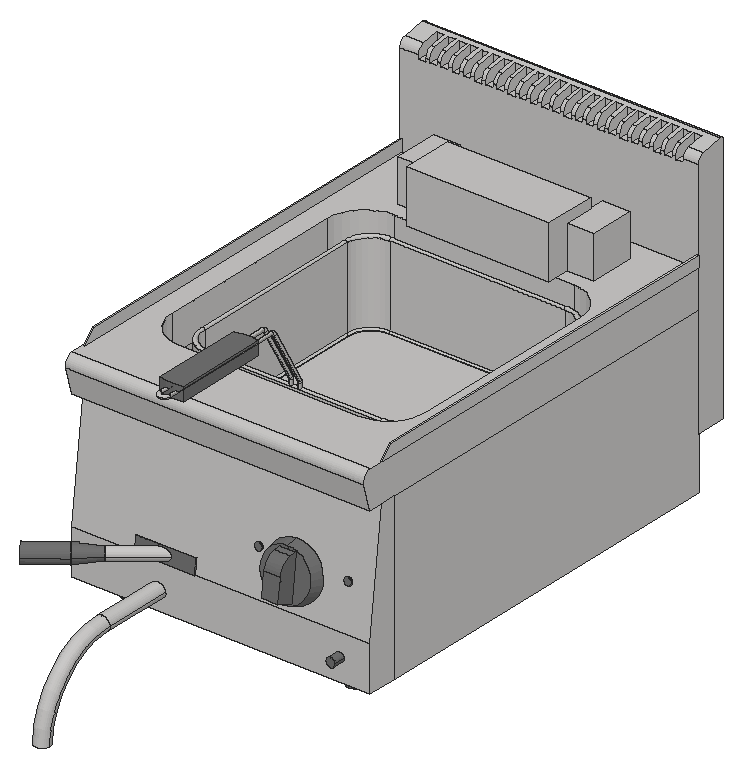
Revit family "QF_GIORIK_LFE4783", category Specialty Equipment, Revit 2014
Parameters (values of type "LFE4783")
  Weight in Pounds = 48.5016
  Watts = 6300 W
  Volts = 400 V
  URL Cutsheet = "www.giorik.com"
  URL = "www.giorik.com"
  Status [instance] = ""
  Specification by User [instance] = ""
  Specification by Manufacturer = ""
  Show Logo [instance] = yes
  Show Clearance [instance] = yes
  Serial Number = ""
  Seismic Rating = ""
  SMACNA No = ""
  Revision Code [instance] = ""
  Phase = 3
  Number of Poles [instance] = 3
  NAFEM Spec ID Number = ""
  Model = "LFE4783"
  Min Ckt Ampacity = 0 A
  Max Overcurrent Protection = 0 A
  Masterspec = ""
  Manufacturer = "GIORIK"
  Item Number [instance] = ""
  Installed By [instance] = ""
  Identify Quantity as Lot [instance] = no
  HP = "8.448426000000"
  Furnished By [instance] = ""
  Foodservice Equipment Identifier [instance] = yes
  FL Amps = 0 A
  Electrical Remarks [instance] = ""
  Electric Connection Type [instance] = ""
  Elec Conn RI Height [instance] = 0 mm
  Elec Conn Connection Height [instance] = 45 mm
  Description = "FRYER WITH LIFTABLE HEATING ELEMENTS ELECTRIC 8 LT"
  Cycle = 50 Hz
  Conn Plug = ""
  CSI MasterFormat = ""
  Assembly Code = "E1090320"
  Apparent Power = 6300 VA
Reference planes
  plane 1 "Back": y = 0
  plane 2: z = 0
  plane 3 "Left": x = 0
  plane 4 "Right": x = 400
  plane 5 "Front": y = -600
  plane 6 "Top": z = 430
Forms (mm)
  Extrusion 1, solid
    sketch origin (0, 1000, -578.42) x (0, 1, 0) y (0, 0, 1)
      loop
        line (-1040.007, 869.975) -> (-1589.445, 869.975)
        arc (-1589.445, 869.975) -> (-1598.171, 865.672) -> (-1600.069, 856.13) r 10.999
        line (-1600.069, 856.13) -> (-1590.388, 820) -> (-1040.007, 820) -> (-1040.007, 869.975)
    from 0 to 400
  Extrusion 2, solid
    sketch origin (0, 0, -558.42) x (0, 1, 0) y (0, 0, 1)
      loop
        line (-570.06, 849.975) -> (-40.007, 849.975) -> (-40.007, 864.975) -> (-555.06, 864.975) -> (-570.06, 849.975)
    from 0 to 1.85
  Extrusion 3, solid
    sketch origin (0, 0, -558.42) x (0, 1, 0) y (0, 0, 1)
      loop
        line (-40.007, 800) -> (-550, 800) -> (-550, 580) -> (-40.007, 580) -> (-40.007, 800)
    from 0 to 400
  Extrusion 4, solid
    sketch origin (0, 0, -558.42) x (0, 1, 0) y (0, 0, 1)
      loop
        line (-550, 800) -> (-570.5, 800) -> (-590, 640) -> (-590, 580) -> (-550, 580) -> (-550, 800)
    from 0 to 400
  Extrusion 5, solid
    sketch origin (398.094, 0, -558.42) x (0, 1, 0) y (0, 0, 1)
      loop
        line (-570.06, 849.975) -> (-40.007, 849.975) -> (-40.007, 864.975) -> (-555.06, 864.975) -> (-570.06, 849.975)
    from -0.15 to 1.906
  Extrusion 6, solid
    sketch origin (0, 0, -558.42) x (0, 1, 0) y (0, 0, 1)
      loop
        line (-40.007, 974.217) -> (-40.007, 650.827) -> (0, 650.827) -> (0, 988.42)
        arc (0, 988.42) -> (-0.57, 989.648) -> (-1.878, 990) r 1.6
        line (-1.878, 990) -> (-31.072, 984.852)
        arc (-31.072, 984.852) -> (-37.477, 981.162) -> (-40.007, 974.217) r 10.797
    from 0 to 400
  Extrusion 7, solid
    sketch origin (368.319, 0, -558.42) x (1, 0, 0) y (0, 0, 1)
      loop
        circle (-38.319, 606) r 12.5
    from 20.007 to 40.007
  Extrusion 8, void
    sketch origin (10, 0, 431.58) x (0, 1, 0) y (-1, 0, 0)
      loop
        line (-40.007, -25) -> (-9.931, -25) -> (-9.931, -15) -> (-40.007, -15) -> (-40.007, -25)
      loop
        line (-40.007, -40) -> (-9.931, -40) -> (-9.931, -30) -> (-40.007, -30) -> (-40.007, -40)
      loop
        line (-40.007, -55) -> (-9.931, -55) -> (-9.931, -45) -> (-40.007, -45) -> (-40.007, -55)
      loop
        line (-40.007, -70) -> (-9.931, -70) -> (-9.931, -60) -> (-40.007, -60) -> (-40.007, -70)
      loop
        line (-40.007, -85) -> (-9.931, -85) -> (-9.931, -75) -> (-40.007, -75) -> (-40.007, -85)
      loop
        line (-40.007, -100) -> (-9.931, -100) -> (-9.931, -90) -> (-40.007, -90) -> (-40.007, -100)
      loop
        line (-40.007, -115) -> (-9.931, -115) -> (-9.931, -105) -> (-40.007, -105) -> (-40.007, -115)
      loop
        line (-40.007, -130) -> (-9.931, -130) -> (-9.931, -120) -> (-40.007, -120) -> (-40.007, -130)
      loop
        line (-40.007, -145) -> (-9.931, -145) -> (-9.931, -135) -> (-40.007, -135) -> (-40.007, -145)
      loop
        line (-40.007, -160) -> (-9.931, -160) -> (-9.931, -150) -> (-40.007, -150) -> (-40.007, -160)
      loop
        line (-40.007, -175) -> (-9.931, -175) -> (-9.931, -165) -> (-40.007, -165) -> (-40.007, -175)
      loop
        line (-40.007, -190) -> (-9.931, -190) -> (-9.931, -180) -> (-40.007, -180) -> (-40.007, -190)
      loop
        line (-40.007, -205) -> (-9.931, -205) -> (-9.931, -195) -> (-40.007, -195) -> (-40.007, -205)
      loop
        line (-40.007, -220) -> (-9.931, -220) -> (-9.931, -210) -> (-40.007, -210) -> (-40.007, -220)
      loop
        line (-40.007, -235) -> (-9.931, -235) -> (-9.931, -225) -> (-40.007, -225) -> (-40.007, -235)
      loop
        line (-40.007, -250) -> (-9.931, -250) -> (-9.931, -240) -> (-40.007, -240) -> (-40.007, -250)
      loop
        line (-40.007, -265) -> (-9.931, -265) -> (-9.931, -255) -> (-40.007, -255) -> (-40.007, -265)
      loop
        line (-40.007, -280) -> (-9.931, -280) -> (-9.931, -270) -> (-40.007, -270) -> (-40.007, -280)
      loop
        line (-40.007, -295) -> (-9.931, -295) -> (-9.931, -285) -> (-40.007, -285) -> (-40.007, -295)
      loop
        line (-40.007, -310) -> (-9.931, -310) -> (-9.931, -300) -> (-40.007, -300) -> (-40.007, -310)
      loop
        line (-40.007, -325) -> (-9.931, -325) -> (-9.931, -315) -> (-40.007, -315) -> (-40.007, -325)
      loop
        line (-40.007, -340) -> (-9.931, -340) -> (-9.931, -330) -> (-40.007, -330) -> (-40.007, -340)
      loop
        line (-40.007, -355) -> (-9.931, -355) -> (-9.931, -345) -> (-40.007, -345) -> (-40.007, -355)
      loop
        line (-40.007, -370) -> (-9.931, -370) -> (-9.931, -360) -> (-40.007, -360) -> (-40.007, -370)
    from 0 to -20
  Extrusion 9, solid
    sketch origin (566.603, 14.286, -28.42) x (0, 1, 0) y (-1, 0, 0)
      loop
        circle (-79.293, 516.603) r 5
    from 40.385 to 50
  Revolve 10, solid
    sketch origin (50, 18.936, -600) x (0, 1, 0) y (0, 0, 1)
      loop
        line (-83.943, 611.965) -> (-94.752, 611.965) -> (-97.943, 600) -> (-83.943, 600) -> (-83.943, 611.965)
      axis (-83.943, 611.965) -> (-83.943, 600)
    angle from 0 to 360
  Extrusion 11, solid
    sketch origin (-166.603, 14.286, -28.42) x (0, 1, 0) y (-1, 0, 0)
      loop
        circle (-79.293, -516.603) r 5
    from 40.385 to 50
  Revolve 12, solid
    sketch origin (350, 18.936, -600) x (0, 1, 0) y (0, 0, -1)
      loop
        line (-83.943, -611.965) -> (-83.943, -600) -> (-97.943, -600) -> (-94.752, -611.965) -> (-83.943, -611.965)
      axis (-83.943, -611.965) -> (-83.943, -600)
    angle from 0 to 360
  Extrusion 13, solid
    sketch origin (566.603, -469.707, -30) x (0, 1, 0) y (-1, 0, 0)
      loop
        circle (-79.293, 516.603) r 5
    from 41.965 to 51.58
  Revolve 14, solid
    sketch origin (50, -465.057, -600) x (0, 1, 0) y (0, 0, 1)
      loop
        line (-83.943, 611.965) -> (-94.752, 611.965) -> (-97.943, 600) -> (-83.943, 600) -> (-83.943, 611.965)
      axis (-83.943, 611.965) -> (-83.943, 600)
    angle from 0 to 360
  Extrusion 15, solid
    sketch origin (-166.603, -469.707, -30) x (0, 1, 0) y (-1, 0, 0)
      loop
        circle (-79.293, -516.603) r 5
    from 41.965 to 51.58
  Revolve 16, solid
    sketch origin (350, -465.057, -600) x (0, 1, 0) y (0, 0, -1)
      loop
        line (-83.943, -611.965) -> (-83.943, -600) -> (-97.943, -600) -> (-94.752, -611.965) -> (-83.943, -611.965)
      axis (-83.943, -611.965) -> (-83.943, -600)
    angle from 0 to 360
  Extrusion 17, void
    sketch origin (0, -79.931, 430) x (0, 1, 0) y (-1, 0, 0)
      loop
        arc (-70, -80) -> (-84.645, -44.645) -> (-120, -30) r 50
        line (-120, -30) -> (-379.99, -30)
        arc (-379.99, -30) -> (-415.345, -44.645) -> (-429.99, -80) r 50
        line (-429.99, -80) -> (-429.99, -320.349)
        arc (-429.99, -320.349) -> (-415.345, -355.704) -> (-379.99, -370.349) r 50
        line (-379.99, -370.349) -> (-120, -370.349)
        arc (-120, -370.349) -> (-84.645, -355.704) -> (-70, -320.349) r 50
        line (-70, -320.349) -> (-70, -80)
    from -97.843 to -337.592
  Sweep 18, solid
    path origin (115, 226.022, -176.065) x (0, 1, 0) y (0, 0, 1)
      loop
        line (-814.022, 222.645) -> (-909.022, 222.645)
        arc (-909.022, 222.645) -> (-979.733, 193.356) -> (-1009.022, 122.645) r 100
    profile origin (115, -635.5, 46.58) x (0, 0, -1) y (1, 0, 0)
      loop
        circle (0, 0) r 10
  Extrusion 19, solid
    sketch origin (-405.91, -590.797, -666.508) x (1, 0, 0) y (0, 0.001091, 0.999999)
      loop
        circle (764.91, 718.089) r 6
    from 0 to 15
  Blend 20, solid
    base sketch origin (616.882, -104.536, -902.739) x (0.615661, -0.788011, 0) y (0, 0, 1)
      loop
        circle (76.097, 994.319) r 8
    top sketch origin (616.882, -104.536, -902.739) x (0.615661, -0.788011, 0) y (0, 0, 1)
      loop
        circle (76.097, 994.319) r 12
    from 750.092 to 785.1
  Extrusion 21, solid
    sketch origin (608.056, -96.203, -914.17) x (0.615661, -0.788011, 0) y (0, 0, 1)
      loop
        circle (88.097, 1005.786) r 12
    from 783.275 to 836.3
  Extrusion 22, solid
    sketch origin (-402.728, -17.847, -369.564) x (-0.615661, 0.788011, 0) y (0, 0, 1)
      loop
        circle (-772.143, 461.145) r 8
    from 0 to 79.992
  Extrusion 23, solid
    sketch origin (0, -17.89, -65.171) x (1, 0, 0) y (0, 0.12098, 0.992655)
      loop
        line (84.851, 96.58) -> (84.851, 76.58) -> (164.851, 76.58) -> (164.851, 96.58) -> (84.851, 96.58)
    from 584.669 to 586.623
  Revolve 24, solid
    sketch origin (305.155, 0.456, -559.728) x (0, 1, 0) y (0, 0, 1)
      loop
        line (-598.03, 706.389) -> (-594.27, 737.013) -> (-609.648, 734.852) -> (-613.772, 701.269) -> (-581.482, 697.305) -> (-580.629, 704.252) -> (-598.03, 706.389)
      axis (-581.482, 697.305) -> (-613.772, 701.269)
    angle from 0 to 360
  Extrusion 25, solid
    sketch origin (142.169, 0.456, -559.728) x (0, 1, 0) y (0, 0, 1)
      loop
        line (-635.843, 711.553) -> (-639.647, 680.575) -> (-617.415, 671.593) -> (-610.135, 730.882) -> (-617.934, 729.786)
        arc (-617.934, 729.786) -> (-629.982, 723.708) -> (-635.843, 711.553) r 20.998
    from 151.831 to 173.831
  Extrusion 26, solid
    sketch origin (254, -596.729, 1.24) x (1, 0, 0) y (0, 0.099832, 0.995004)
      loop
        circle (111, 140.949) r 5
    from 0 to 0.966
  Extrusion 27, solid
    sketch origin (156.155, -596.729, 1.24) x (1, 0, 0) y (0, 0.099832, 0.995004)
      loop
        circle (89, 140.949) r 5
    from 0 to 0.966
  Extrusion 28, solid
    sketch origin (33.44, -27.512, 291.556) x (0, 1, 0) y (-1, 0, 0)
      loop
        line (-62.495, -71.06) -> (-132.495, -71.06) -> (-132.495, -262.06) -> (-62.495, -262.06) -> (-62.495, -71.06)
    from 0 to 70
  Extrusion 29, solid
    sketch origin (0, 0, 291.556) x (0, 1, 0) y (-1, 0, 0)
      loop
        line (-70.007, -68.5) -> (-130.007, -68.5) -> (-130.007, -104.5) -> (-70.007, -104.5) -> (-70.007, -68.5)
    from 0 to 57
  Extrusion 30, solid
    sketch origin (227, 0, 291.556) x (0, 1, 0) y (-1, 0, 0)
      loop
        line (-70.007, -68.5) -> (-130.007, -68.5) -> (-130.007, -104.5) -> (-70.007, -104.5) -> (-70.007, -68.5)
    from 0 to 57
  Sweep 31, solid
    path origin (24.51, -1562.593, 264.972) x (0, 1, 0) y (-1, 0, 0)
      loop
        arc (1405.5, -57.49) -> (1395.366, -33.124) -> (1371, -22.99) r 34.6
        line (1371, -22.99) -> (1132.51, -22.99)
        arc (1132.51, -22.99) -> (1107.632, -33.121) -> (1097.5, -58) r 34.6
        line (1097.5, -58) -> (1097.5, -292)
        arc (1097.5, -292) -> (1107.634, -316.366) -> (1132, -326.5) r 34.6
        line (1132, -326.5) -> (1371, -326.5)
        arc (1371, -326.5) -> (1395.366, -316.366) -> (1405.5, -292) r 34.6
        line (1405.5, -292) -> (1405.5, -57.49)
    profile origin (199.255, -157.093, 264.972) x (0, 1, 0) y (0, 0, 1)
      loop
        line (-2.5, 0) -> (-2.5, -107.472)
        arc (-2.5, -107.472) -> (-3.232, -109.24) -> (-5, -109.972) r 2.5
        line (-5, -109.972) -> (-5, -114.972) -> (0, -114.972)
        arc (0, -114.972) -> (1.768, -114.24) -> (2.5, -112.472) r 2.5
        line (2.5, -112.472) -> (2.5, 0)
        arc (2.5, 0) -> (0, 2.5) -> (-2.5, 0) r 2.5
  Extrusion 32, solid
    sketch origin (14.51, -1562.593, 343.972) x (0, 1, 0) y (-1, 0, 0)
      loop
        line (1014.866, -169) -> (890.852, -169)
        arc (890.852, -169) -> (888.33, -185) -> (890.852, -201) r 52
        line (890.852, -201) -> (1014.866, -201)
        arc (1014.866, -201) -> (1017.389, -185) -> (1014.866, -169) r 52
    from 0 to 18
  Extrusion 33, solid
    sketch origin (1002.01, -65.507, 150) x (0, 1, 0) y (-1, 0, 0)
      loop
        arc (-94.5, 922.51) -> (-103.14, 943.37) -> (-124, 952.01) r 29.5
        line (-124, 952.01) -> (-367.076, 952.01)
        arc (-367.076, 952.01) -> (-388.296, 943.22) -> (-397.086, 922) r 30.01
        line (-397.086, 922) -> (-397.086, 683)
        arc (-397.086, 683) -> (-388.446, 662.14) -> (-367.586, 653.5) r 29.5
        line (-367.586, 653.5) -> (-124, 653.5)
        arc (-124, 653.5) -> (-103.14, 662.14) -> (-94.5, 683) r 29.5
        line (-94.5, 683) -> (-94.5, 922.51)
    from 0 to 5
  Sweep 34, solid
    path origin (193.51, -1562.593, -556.028) x (0, 1, 0) y (0, 0, 1)
      loop
        line (1097.5, 818.028) -> (1097.5, 829.689)
        arc (1097.5, 829.689) -> (1097.33, 830.983) -> (1096.831, 832.188) r 5
        line (1096.831, 832.188) -> (1054.233, 906.027)
        arc (1054.233, 906.027) -> (1052.403, 907.858) -> (1049.902, 908.528) r 5
        line (1049.902, 908.528) -> (878.021, 908.528)
    profile origin (193.51, -465.093, 267.831) x (0, -1, 0) y (1, 0, 0)
      loop
        circle (0, 0) r 2
  Sweep 35, solid
    path origin (205.51, -1562.593, -566.028) x (0, 1, 0) y (0, 0, -1)
      loop
        line (1097.5, -828.028) -> (1097.5, -839.689)
        arc (1097.5, -839.689) -> (1097.33, -840.983) -> (1096.831, -842.188) r 5
        line (1096.831, -842.188) -> (1054.233, -916.027)
        arc (1054.233, -916.027) -> (1052.403, -917.858) -> (1049.902, -918.528) r 5
        line (1049.902, -918.528) -> (878.021, -918.528)
    profile origin (205.51, -465.093, 267.831) x (0, 1, 0) y (-1, 0, 0)
      loop
        circle (0, 0) r 2
  Sweep 36, solid
    path origin (14.51, -62.593, 352.5) x (0, 1, 0) y (-1, 0, 0)
      loop
        arc (-621.979, -179) -> (-627.979, -185) -> (-621.979, -191) r 6
    profile origin (199.51, -690.572, 352.5) x (0, 1, 0) y (0, 0, 1)
      loop
        circle (0, 0) r 2
Cuts and joins
  Extrusion 8 cuts Extrusion 6
  Extrusion 17 cuts Extrusion 1
  Extrusion 17 cuts Extrusion 3
Lines and regions (mm)
  symbolic lines, style "200-EquipInternal-2D"
    curve 1: line (25, -9.931, 290) -> (25, -40.007, 290)
    curve 2: line (35, -40.007, 290) -> (35, -9.931, 290)
    curve 3: line (40, -9.931, 290) -> (40, -40.007, 290)
    curve 4: line (50, -40.007, 290) -> (50, -9.931, 290)
    curve 5: line (55, -9.931, 290) -> (55, -40.007, 290)
    curve 6: line (65, -40.007, 290) -> (65, -9.931, 290)
    curve 7: line (85, -9.931, 290) -> (85, -40.007, 290)
    curve 8: line (95, -40.007, 290) -> (95, -9.931, 290)
    curve 9: line (100, -9.931, 290) -> (100, -40.007, 290)
    curve 10: line (110, -40.007, 290) -> (110, -9.931, 290)
    curve 11: line (140, -40.007, 290) -> (140, -9.931, 290)
    curve 12: line (130, -9.931, 290) -> (130, -40.007, 290)
    curve 13: line (155, -40.007, 290) -> (155, -9.931, 290)
    curve 14: line (160, -9.931, 290) -> (160, -40.007, 290)
    curve 15: line (170, -40.007, 290) -> (170, -9.931, 290)
    curve 16: line (145, -9.931, 290) -> (145, -40.007, 290)
    curve 17: line (200, -40.007, 290) -> (200, -9.931, 290)
    curve 18: line (190, -9.931, 290) -> (190, -40.007, 290)
    curve 19: line (205, -9.931, 290) -> (205, -40.007, 290)
    curve 20: line (215, -40.007, 290) -> (215, -9.931, 290)
    curve 21: line (220, -9.931, 290) -> (220, -40.007, 290)
    curve 22: line (230, -40.007, 290) -> (230, -9.931, 290)
    curve 23: line (250, -9.931, 290) -> (250, -40.007, 290)
    curve 24: line (260, -40.007, 290) -> (260, -9.931, 290)
    curve 25: line (265, -9.931, 290) -> (265, -40.007, 290)
    curve 26: line (275, -40.007, 290) -> (275, -9.931, 290)
    curve 27: line (280, -9.931, 290) -> (280, -40.007, 290)
    curve 28: line (290, -40.007, 290) -> (290, -9.931, 290)
    curve 29: line (320, -40.007, 290) -> (320, -9.931, 290)
    curve 30: line (310, -9.931, 290) -> (310, -40.007, 290)
    curve 31: line (335, -40.007, 290) -> (335, -9.931, 290)
    curve 32: line (325, -9.931, 290) -> (325, -40.007, 290)
    curve 33: line (340, -9.931, 290) -> (340, -40.007, 290)
    curve 34: line (350, -40.007, 290) -> (350, -9.931, 290)
    curve 35: line (370, -9.931, 290) -> (370, -40.007, 290)
    curve 36: line (380, -40.007, 290) -> (380, -9.931, 290)
    curve 37: line (380, -9.931, 290) -> (370, -9.931, 290)
    curve 38: line (350, -9.931, 290) -> (340, -9.931, 290)
    curve 39: line (335, -9.931, 290) -> (325, -9.931, 290)
    curve 40: line (320, -9.931, 290) -> (310, -9.931, 290)
    curve 41: line (275, -9.931, 290) -> (265, -9.931, 290)
    curve 42: line (110, -9.931, 290) -> (100, -9.931, 290)
    curve 43: line (95, -9.931, 290) -> (85, -9.931, 290)
    curve 44: line (65, -9.931, 290) -> (55, -9.931, 290)
    curve 45: line (35, -9.931, 290) -> (25, -9.931, 290)
    curve 46: line (140, -9.931, 290) -> (130, -9.931, 290)
    curve 47: line (155, -9.931, 290) -> (145, -9.931, 290)
    curve 48: line (170, -9.931, 290) -> (160, -9.931, 290)
    curve 49: line (200, -9.931, 290) -> (190, -9.931, 290)
    curve 50: line (215, -9.931, 290) -> (205, -9.931, 290)
    curve 51: line (230, -9.931, 290) -> (220, -9.931, 290)
    curve 52: line (260, -9.931, 290) -> (250, -9.931, 290)
    curve 53: line (50, -9.931, 290) -> (40, -9.931, 290)
    curve 54: line (70, -9.931, 430) -> (70, -40.007, 430)
    curve 55: line (80, -40.007, 430) -> (80, -9.931, 430)
    curve 56: line (80, -9.931, 430) -> (70, -9.931, 430)
    curve 57: line (175, -9.931, 430) -> (175, -40.007, 430)
    curve 58: line (185, -40.007, 430) -> (185, -9.931, 430)
    curve 59: line (185, -9.931, 430) -> (175, -9.931, 430)
    curve 60: line (235, -9.931, 430) -> (235, -40.007, 430)
    curve 61: line (245, -40.007, 430) -> (245, -9.931, 430)
    curve 62: line (245, -9.931, 430) -> (235, -9.931, 430)
    curve 63: line (290, -9.931, 430) -> (280, -9.931, 430)
    curve 64: line (305, -9.931, 430) -> (295, -9.931, 430)
    curve 65: line (295, -9.931, 430) -> (295, -40.007, 430)
    curve 66: line (305, -40.007, 430) -> (305, -9.931, 430)
    curve 67: line (355, -9.931, 430) -> (355, -40.007, 430)
    curve 68: line (365, -40.007, 430) -> (365, -9.931, 430)
    curve 69: line (365, -9.931, 430) -> (355, -9.931, 430)
    curve 70: line (400, -9.931, 430) -> (400, -40.007, 430)
    curve 71: line (125, -9.931, 430) -> (115, -9.931, 430)
    curve 72: line (115, -9.931, 430) -> (115, -40.007, 430)
    curve 73: line (125, -40.007, 430) -> (125, -9.931, 430)
    curve 77: line (397.944, -570.06, 430) -> (400, -570.06, 430)
    curve 78: line (397.944, -40.007, 430) -> (397.944, -570.06, 430)
    curve 79: line (370, -194.035, 430) -> (370, -460, 430)
    curve 80: line (30, -460, 430) -> (30, -199.931, 430)
    curve 81: arc (80, -510, 430) -> (44.645, -495.355, 430) -> (30, -460, 430) r 50
    curve 82: line (320, -510, 430) -> (80, -510, 430)
    curve 83: arc (370, -460, 430) -> (355.355, -495.355, 430) -> (320, -510, 430) r 50
    curve 84: line (0, -570.06, 430) -> (1.85, -570.06, 430)
    curve 85: line (1.85, -570.06, 430) -> (1.85, -40.007, 430)
    curve 86: line (1.85, -40.007, 430) -> (397.944, -40.007, 430)
    curve 100: line (104.5, -70.007, 430) -> (68.5, -70.007, 430)
    curve 101: line (295.5, -90.007, 430) -> (104.5, -90.007, 430)
    curve 102: line (68.5, -70.007, 430) -> (68.5, -130.007, 430)
    curve 103: line (68.5, -130.007, 430) -> (104.5, -130.007, 430)
    curve 104: line (104.5, -160.007, 430) -> (295.5, -160.007, 430)
    curve 105: line (331.5, -130.007, 430) -> (331.5, -70.007, 430)
    curve 106: line (331.5, -70.007, 430) -> (295.5, -70.007, 430)
    curve 107: line (295.5, -130.007, 430) -> (331.5, -130.007, 430)
    curve 108: arc (80, -149.931, 430) -> (44.645, -164.576, 430) -> (30, -199.931, 430) r 50
    curve 109: arc (370.349, -199.931, 430) -> (355.704, -164.576, 430) -> (320.349, -149.931, 430) r 50
    curve 110: line (104.5, -90.007, 430) -> (104.5, -70.007, 430)
    curve 111: line (295.5, -70.007, 430) -> (295.5, -90.007, 430)
    curve 112: line (295.5, -130.007, 430) -> (295.5, -160.007, 430)
    curve 113: line (104.5, -130.007, 430) -> (104.5, -160.007, 430)
    curve 114: line (104.5, -149.931, 430) -> (80, -149.931, 430)
    curve 115: line (295.5, -149.931, 430) -> (320.349, -149.931, 430)
    curve 126: line (0, -570.06, 430) -> (1.85, -570.06, 430)
    curve 127: line (104.5, -154.593, 430) -> (81.993, -154.593, 430)
    curve 128: line (45, -191.586, 430) -> (45, -430.053, 430)
    curve 129: line (82.54, -467.593, 430) -> (191.487, -467.593, 430)
    curve 130: line (191.487, -465.093, 430) -> (191.487, -545.827, 430)
    curve 131: line (183.51, -600, 430) -> (183.51, -547.727, 430)
    curve 132: line (215.51, -547.727, 430) -> (215.51, -600, 430)
    curve 133: line (207.533, -545.827, 430) -> (207.533, -465.093, 430)
    curve 134: line (316.517, -467.593, 430) -> (207.533, -467.593, 430)
    curve 135: line (353.51, -430.6, 430) -> (353.51, -191.593, 430)
    curve 136: line (316.51, -154.593, 430) -> (295.5, -154.593, 430)
    curve 137: line (316.51, -162.093, 430) -> (81.51, -162.093, 430)
    curve 138: line (52.5, -191.593, 430) -> (52.5, -430.112, 430)
    curve 139: line (82.51, -460.093, 430) -> (317.51, -460.093, 430)
    curve 140: line (346.01, -430.593, 430) -> (346.01, -191.593, 430)
    curve 141: arc (316.51, -162.093, 430) -> (337.341, -170.763, 430) -> (346.01, -191.593, 430) r 29.6
    curve 142: arc (52.5, -191.593, 430) -> (61.17, -170.763, 430) -> (82, -162.093, 430) r 29.6
    curve 143: arc (82.51, -460.093, 430) -> (61.177, -451.436, 430) -> (52.5, -430.112, 430) r 29.6
    curve 144: arc (346.01, -430.593, 430) -> (337.37, -451.395, 430) -> (316.592, -460.093, 430) r 29.6
    curve 145: arc (45, -430.053, 430) -> (55.995, -456.598, 430) -> (82.54, -467.593, 430) r 37.54
    curve 146: arc (316.517, -467.593, 430) -> (342.675, -456.758, 430) -> (353.51, -430.6, 430) r 36.993
    curve 147: arc (316.51, -154.593, 430) -> (342.673, -165.43, 430) -> (353.51, -191.593, 430) r 37
    curve 148: arc (81.993, -154.593, 430) -> (55.835, -165.428, 430) -> (45, -191.586, 430) r 36.993
    curve 149: line (195.483, -545.36, 430) -> (195.483, -465.093, 430)
    curve 150: line (203.537, -545.36, 430) -> (203.537, -465.093, 430)
    curve 151: arc (183.51, -547.727, 430) -> (199.51, -545.204, 430) -> (215.51, -547.727, 430) r 52
    curve 162: arc (191.487, -465.093, 430) -> (193.485, -463.095, 430) -> (195.483, -465.093, 430) r 1.998
    curve 163: arc (207.533, -465.093, 430) -> (205.535, -463.095, 430) -> (203.537, -465.093, 430) r 1.998
    curve 164: line (195.483, -467.593, 430) -> (203.537, -467.593, 430)
  symbolic lines, style "200-EquipBorder-2D"
    curve 74: line (400, 0, 430) -> (0, 0, 430)
    curve 75: line (400, -600, 430) -> (400, 0, 430)
    curve 76: line (0, 0, 430) -> (0, -600, 430)
    curve 87: line (105, -611.182, 430) -> (105, -783, 430)
    curve 88: line (125, -783, 430) -> (125, -600, 430)
    curve 89: arc (105, -783, 430) -> (115, -793, 430) -> (125, -783, 430) r 10
    curve 90: line (77.576, -632.608, 430) -> (105, -611.182, 430)
    curve 91: line (67.725, -620, 430) -> (93.324, -600, 430)
    curve 92: line (52.373, -657.375, 430) -> (10.668, -689.958, 430)
    curve 93: line (10.668, -689.958, 430) -> (-4.108, -671.046, 430)
    curve 94: line (-4.108, -671.046, 430) -> (37.676, -638.401, 430)
    curve 95: line (37.676, -638.401, 430) -> (67.725, -620, 430)
    curve 96: line (77.576, -632.608, 430) -> (52.373, -657.375, 430)
    curve 97: line (353.033, -605.014, 430) -> (353.033, -600, 430)
    curve 98: line (353.033, -605.014, 430) -> (365.011, -605.014, 430)
    curve 99: line (365.011, -605.014, 430) -> (365.011, -600, 430)
    curve 116: spline (294, -617.202, 990) -> (290.789, -617.041, 990) -> (287.73, -616.841, 990) -> (284.856, -616.604, 990) -> (282.196, -616.332, 990) -> (279.779, -616.028, 990) -> (277.63, -615.696, 990) -> (275.772, -615.338, 990) -> (274.225, -614.96, 990) -> (273.004, -614.563, 990) -> (272.122, -614.154, 990) -> (271.59, -613.736, 990) -> (271.412, -613.313, 990)
    curve 117: spline (339.073, -613.408, 990) -> (338.819, -613.826, 990) -> (338.218, -614.239, 990) -> (337.275, -614.643, 990) -> (336.001, -615.033, 990) -> (334.408, -615.405, 990) -> (332.513, -615.755, 990) -> (330.336, -616.08, 990) -> (327.898, -616.376, 990) -> (325.227, -616.641, 990) -> (322.348, -616.871, 990) -> (319.293, -617.065, 990) -> (316.091, -617.219, 990)
    curve 118: line (271.412, -613.313, 990) -> (267.735, -600, 990)
    curve 119: line (339.073, -613.408, 990) -> (342.578, -600, 990)
    curve 120: line (294, -639.19, 430) -> (294, -609.679, 430)
    curve 121: line (294, -639.19, 430) -> (316, -639.19, 430)
    curve 122: line (316, -639.19, 430) -> (316, -609.679, 430)
    curve 123: spline (271.412, -613.313, 430) -> (272.564, -612.264, 430) -> (275.941, -611.286, 430) -> (281.314, -610.446, 430) -> (288.316, -609.802, 430) -> (296.47, -609.396, 430) -> (305.22, -609.258, 430) -> (313.97, -609.396, 430) -> (322.124, -609.802, 430) -> (329.126, -610.446, 430) -> (334.499, -611.286, 430) -> (337.877, -612.264, 430) -> (339.029, -613.313, 430)
    curve 124: line (294, -609.679, 430) -> (316, -609.679, 430)
    curve 125: line (0, -600, 430) -> (183.51, -600, 430)
    curve 152: arc (183.51, -671.741, 430) -> (199.51, -674.263, 430) -> (215.51, -671.741, 430) r 52
    curve 153: line (183.51, -671.741, 430) -> (183.51, -600, 430)
    curve 154: line (215.51, -671.741, 430) -> (215.51, -600, 430)
    curve 155: line (400, -600, 430) -> (215.51, -600, 430)
    curve 156: line (191.51, -684.572, 430) -> (191.51, -673.644, 430)
    curve 157: line (195.51, -684.572, 430) -> (195.51, -674.109, 430)
    curve 158: line (207.51, -684.572, 430) -> (207.51, -673.644, 430)
    curve 159: line (203.51, -684.572, 430) -> (203.51, -674.109, 430)
    curve 160: arc (195.51, -684.572, 430) -> (199.51, -688.572, 430) -> (203.51, -684.572, 430) r 4
    curve 161: arc (207.51, -684.572, 430) -> (199.51, -692.572, 430) -> (191.51, -684.572, 430) r 8
Dimensions and locks
  plane 3 "Left" to plane 4 "Right" = 400 mm
  plane 5 "Front" to plane 1 "Back" = 600 mm
  plane 4 "Right" to plane 3 "Left" = 400 mm
  plane 1 "Back" to plane 5 "Front" = 600 mm
  plane 6 "Top" to level = 430 mm  (x2)
  aligned and locked: level to plane 2
Connectors
  electrical at (330, -20.007, 47.58), driven by "Apparent Power", driven by "Volts", driven by "Number of Poles"
    settings: on Extrusion 7, index 1, voltage 400 V, apparent load 0 VA, apparent load phase1 6300 VA, apparent load phase2 0 VA, apparent load phase3 0 VA, power factor 1, load classification "Other", number of poles 3, system type 31, power factor state 1, is connector primary yes, connector utility no, sub classification motor no, connector description "Electrical connection"
